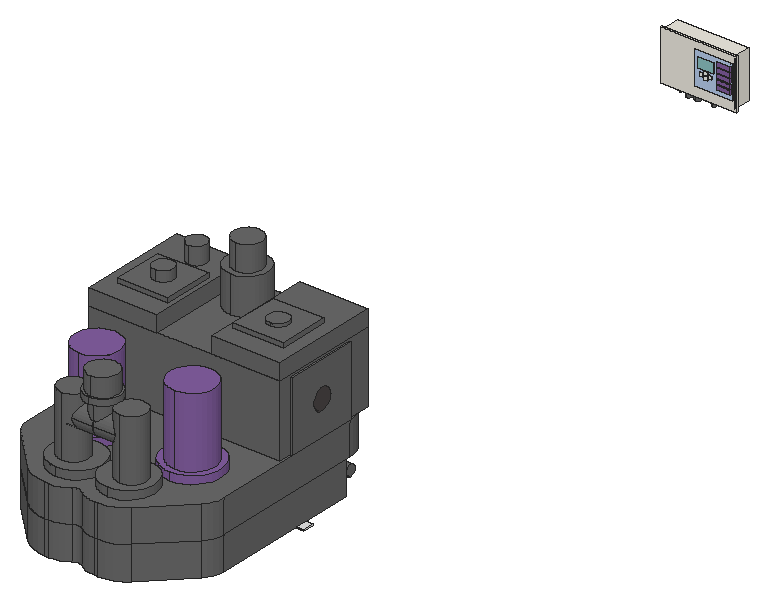
Revit family "11001", category Generic Models, Revit 2021
Family settings
  Can host rebar = No
  Round Connector Dimension = Use Diameter
  Part Type = Normal
  Work Plane-Based = No
  Always vertical = Yes
  Cut with Voids When Loaded = No
  Shared = Yes
  Room Calculation Point = No
Parameters (values of type "11001")
  SUPPLIER = "KESSEL"
  SA700ID49 = "Protection Class I"
  SA700ID48 = "no"
  SA700ID47 = "no"
  SA700ID46 = "yes"
  SA700ID37 = 7000 mm
  SA700ID34 = 38
  SA700ID33 = 1.6 W
  SA700ID32 = 99.13 kg
  SA700ID31 = 1
  SA700ID30 = 2
  SA700ID29 = "RWDR"
  SA700ID21 = 700
  SA700ID10 = "No"
  SA700ID08 = 230 V
  PROCUREWEBLINK = "https://p.caden.as/kessel/11001"
  PROCURELINK = "p.caden.as/kessel/11001"
  PROCUREDATALASTUPDATE = "2024-05-22T12:18:03.973457871+01:00"
  PREVIEW = "../../bilder/ksb_w_11001.png"
  PRC_SPECIFICATIONLINK = "https://ausschreiben.de/catalog/kessel/catalogItem/10bac111-a527-49a7-a82b-453f54a9563d"
  NN = "Lifting station Aqualift F XL"
  NBSYN = "$SA810ID03."
  NB = "11001"
  Model = "11001"
  Manufacturer = "KESSEL"
  MIdent = "{$CADENAS_DATA/23d-libs/kessel/kessel_vdi_import/4/entwaesserung/hebeanlage20aqualift20f20xl.prj},201 {STYP=ASS},{VTYP=3D},{NB=11001},{LINA=11001},{NN=Lifting station Aqualift F XL},{DATE=21.11.2022 10:48:11},{GEOMDATE=21.11.2022 10:48:11},{VERSION=},{LINEID=100},{WBVAR=LODLEVEL},{WBNUMERIC=LODLEVEL}  {NB=11001},{LINA=11001},{KT=DUMMY},{PREVIEW=../../bilder/ksb_w_11001.png},{SA700ID04=Hebeanlage Aqualift F XL 200 l, Duo, SPF 1400-S3},{SA810ID06=04026092056684},{SA700ID34=38.00},{SA010ID03=201805},{SA810ID03=11001},{SA810ID10=Die Hebeanlage für fäkalienhaltiges und fäkalienfreies Abwasser ist mit einer überflutbaren Pumpe sowie einem Rückflussverhinderer ausgestattet. Der Sammelbehälter aus dauerhaft beständigem Kunststoff (PE) bietet universale Anschlussmöglichkeiten und hat eine verschraubte Reinigungsöffnung.Die Steuerung erfolgt durch ein anwenderfreundliches Schaltgerät, das optional über einen potentialfreien Kontakt in die Gebäudeleittechnik eingebunden werden oder Alarm- und Sammelstörmeldungen über eine GSM-Schnittstelle (Comfort Schaltgerät) ausgeben kann.Ausführung:Absperreinrichtung: ohne SchieberAnlagenart: DoppelanlagePumpensteuerung: SchaltgerätRückflussverhinderer: integriertSchalldämmmatte: jaEinbausituation: freie AufstellungAbwasserart: fäkalienhaltigAllgemeine Merkmale:Farbe: schwarzNorm: EN 12050-1Abmessungen:Länge: 980 mmBreite: 760 mmHöhe: 770 mmBehälter/Grundkörper:Zulauf Anzahl: 1 STZulauf Nennweite (DN): 100 mmZulauf Nennweite (DA): 110 mmZulauf max. Anbohrung (DN): 200 mmAnschluss für Handmembranpumpe (DN): 32Behältervolumen: 200 lDruckabgang: senkrechtDruckabgang (DA): 110 mmDruckabgang (DN): 100 mmEntlüftungsanschluss (DN): 70 mmNutzvolumen: 120 lFördereinrichtung:Pumpe: SPF 1400Anzahl Pumpen: 2Förderhöhe max.: 7 mFörderleistung max.: 38 m3/hBetriebsart: S3 - 50 %Leistung P1: 1,6 kWLeistung P2: 1,1 kWDrehzahl: 1.370 U/minFörderguttemperatur (dauerhaft) max.: 40 °CAnschlusstyp: codierter SteckerGewicht: 25 kgLaufrad Typ: FreistromradLänge Netzanschlussleitung Pumpe: 5 mNennstrom: 7,3 ASchutzart Pumpe: IP 68 (3m/48h)Schutzklasse: ITyp Anschlussleitung Pumpe: H07RN-F 3G 1,0 mm2Temperaturüberwachung: integriertSteuerung:Schaltgerät: ComfortBetriebsspannung: 230 VNetzfrequenz: 50 HzSelbstdiagnosesystem (SDS): jaBatteriepufferung: jaMehrzeilige Displayanzeige: jaLogbuchfunktion: jaUSB-Schnittstelle: jaGSM-Schnittstelle: jaPotentialfreier Kontakt: optionalErforderliche Absicherung (Leitungsschutz): C 16 ASchutzart Schaltgerät: IP 54Länge Netzanschlussleitung Schaltgerät: 1,4 mArt Niveauerfassung: pneumatischInstrument Niveauerfassung: TauchrohrAlarmgeber: Tauchrohr},{SA700ID37=7.00},{SA700ID33=1.60},{SA700ID08=230},{SA700ID30=2},{SA700ID32=99.13},{SA700ID49=Schutzklasse I},{SA700ID50=nein},{SA200ID03=6},{SA250ID03=vertikal},{SA260ID03=Trockenläuferpumpe},{SA350ID03=normalansaugend},{SA400ID03=E-Motor für Wechselstrom},{SA460ID03=direkt},{SA500ID03=Kunststoff, Edelstahl},{SA700ID06=100},{SA700ID07=100},{SA700ID09=1/N/PE 230V},{SA700ID10=Nein},{SA700ID11=50},{SA700ID12=IP 68},{SA700ID13=F},{SA700ID15=40},{SA700ID21=700.00},{SA700ID22=1.10},{SA700ID23=1370},{SA700ID24=1370},{SA700ID26=7.30},{SA700ID27=23.00},{SA700ID28=durchgehend},{SA700ID29=RWDR},{SA700ID31=1},{SA700ID46=ja},{SA700ID47=nein},{SA700ID48=nein},{SA110ID04=Hebeanlage Aqualift F XL},{SA300ID03=einstufig},{SA700ID44=10.00},{SA700ID45=10.00},{SA010ID04=KESSEL AG},{LODLEVEL=200},{LINK=https://www.kessel.de/info?han=11001},{SA970ID01=970},{SA970ID02=7122},{SA970ID03=11001},{SA970ID04=11002617},{SA970ID05=QUAD},{SA970ID06=-410},{SA970ID07=-850},{SA970ID08=0},{SA970ID09=1},{SA970ID10=0},{SA970ID11=0},{SA970ID12=0},{SA970ID13=1},{SA970ID14=0},{SA970ID15=820},{SA970ID16=980},{SA970ID17=771},{LODLEVEL_=200,'Low'},{LODLEVEL_DEU=200,'Low'},{LINK_=https://www.kessel.de/info?han=11001},{LINK_DEU=https://www.kessel.de/info?han=11001},{LODLEVEL_3DB=11001_200},{DNIN1=100},{DNIN2=70},{DNIN4=10},{DNIN5=10},{DNIN6=50},{DNIN7=50},{DNIN8=50},{DNIN9=50},{DNOUT1=32},{DNOUT2=100},{DNOUT3=70},{ISD1=96},{ISD2=10},{ISDOUT1=40},{ISDOUT2=70},{ISDOUT3=65},{SA010ID01=010},{SA010ID02=4},{SA010ID06=www.kessel.de},{SA010ID07=www.kessel.de},{SA010ID12=20180713},{SA010ID13=DEU},{SA010ID14=DE},{SA100ID01=100},{SA100ID02=4},{SA100ID04=Entwässerung},{SA110ID01=110},{SA110ID02=6},{SA200ID01=200},{SA200ID02=6},{SA250ID01=250},{SA250ID02=2},{SA260ID01=260},{SA260ID02=2},{SA300ID01=300},{SA300ID02=1},{SA350ID01=350},{SA350ID02=1},{SA400ID01=400},{SA400ID02=1},{SA460ID01=460},{SA460ID02=1},{SA500ID01=500},{SA500ID02=1},{SA700ID01=700},{SA700ID02=38},{SA700ID10_=0},{SA700ID16=0},{SA700ID25=0},{SA700ID46_=1},{SA700ID47_=0},{SA700ID48_=0},{SA700ID49_=1},{SA700ID50_=0},{SA800ID01=800},{SA800ID02=2},{SA810ID01=810},{SA810ID02=38},{SA810ID04=11001},{SA810ID07=38},{SA810ID09=1},{SA810ID14=PCE},{SA810ID15=1},{SA810ID16=NMP},{SA960ID03=38},{SA960ID04=3L},{SA960ID08=https://www.kessel.de/info?han=11001},{SA010ID08=4026092000007},{SA100ID05=Hebeanlage},{SA110ID06=Hebeanlage}"
  LINK = "https://www.kessel.de/info?han=11001"
  LINA = "11001"
  Default Elevation = 0 mm
  CREATOR = "CADENAS GmbH"
  CATALOG = "KESSEL"
  BOMINFO = "LINA"
  ARTICLENO = "NB"
  4.810.00.9 Order quantity (multiplicator) = "1"
  4.810.00.7 Media- connection number = "38"
  4.810.00.6 GTIN number = "04026092056684"
  4.810.00.4 DATANORM number = "11001"
  4.810.00.3 Producer order number = "11001"
  4.710.03.7 Mass (net) = 99.13 kg
  4.710.03.6 Height = 770 mm
  4.710.03.5 Width = 760 mm
  4.710.03.4 Length = 980 mm
  4.710.03.3 Type of dimensions = "2"
  4.710.02.8 Area of application of wastewater pump = "1"
  4.710.02.7 Art des S2/S3-Betriebs = "50 %"
  4.710.02.6 Duty type = "S3"
  4.710.02.5 Cutting device = "0"
  4.710.02.4 Attached pump control = "1"
  4.710.02.3 Free passage = 40 mm
  4.710.01.6 Option to connect to building automation = "40"
  4.710.01.5 Load regulation = "0"
  4.710.01.4 Designation of closed-loop control = "120"
  4.710.01.3 Identifier for closed-loop control = "200"
  4.700.00.9 Voltage = 0
  4.700.00.8 Nominal connection size on suction side = "100"
  4.700.00.7 Nominal connection size on pressure side = "100"
  4.700.00.6 Type of connection = "100"
  4.700.00.4 Product indentification = "Hebeanlage Aqualift F XL 200 l, Duo, SPF 1400-S3"
  4.700.00.28 Motor pump shaft = "durchgehend"
  4.700.00.27 Starting current = 23
  4.700.00.26 Maximum power consumption per pump / drive = 7.3
  4.700.00.25 Minimum speed at internal speed adjustment = 0
  4.700.00.24 Nominal speed / maximum speed n = 22.8333
  4.700.00.23 Nominal speed of motor = 22.8333
  4.700.00.22 Maximum shaft output (P2) per pump/drive = 1.1 W
  4.700.00.16 Maximum temperature of pumped medium = 0 °C
  4.700.00.15 Increased safety class = "40 °C"
  4.700.00.13 Type of protection = "F"
  4.700.00.12 Frequency = 0
  4.700.00.11 Stern-/Dreieck-Anlaufschaltung bei Dreiphasenanschluss oder Drehstrom = "50 Hz"
  4.700.00.10 Phase = "0"
  4.500.00.3 Variant / Variant type / Accessories-name = "Kunststoff, Edelstahl"
  4.460.00.3 Variant / Variant type / Accessories-name = "direkt"
  4.400.00.3 Variant / Variant type / Accessories-name = "E-Motor für Wechselstrom"
  4.350.00.3 Variant / Variant type / Accessories-name = "normalansaugend"
  4.300.00.3 Variant / Variant type / Accessories-name = "einstufig"
  4.260.00.3 Variant / Variant type / Accessories-name = "Trockenläuferpumpe"
  4.250.00.3 Variant / Variant type / Accessories-name = "vertikal"
  4.200.00.3 Variant / Variant type / Accessories-name = "6"
  4.110.00.6 Product classification = "Hebeanlage"
  4.110.00.4 Product indentification = "Hebeanlage Aqualift F XL"
  4.100.00.5 Main groups of wares = "Hebeanlage"
  4.100.00.4 Product indentification = "Entwässerung"
  4.010.00.8 Producer ID number = "4026092000007"
  4.010.00.7 Comment = "www.kessel.de"
  4.010.00.6 Web address of the manufacturer = "www.kessel.de"
  4.010.00.4 Manufacturer name = "KESSEL AG"
  4.010.00.3 Date of issuance (month) of guideline = "201805"
  4.010.00.2 Sheet number of the guideline = "4"
  4.010.00.14 Kennungen der Projektländer, für die die Datei gültig ist = "DE"
  4.010.00.13 Sprache der Datei = "DEU"
  4.010.00.12 Stand des Herstellerkatalogs = "20180713"
Reference planes
  plane 1 "Center (Front/Back)": y = 0
  plane 2: z = 0
  plane 3 "Center (Left/Right)": x = 0
Forms (mm)
  Extrusion 1, void
    sketch origin (380.4, -114.999, 392) x (0, -1, 0) y (0, 0, 1)
      loop
        line (-0.5, -0.5) -> (0.5, -0.5) -> (0.5, 0.5) -> (-0.5, 0.5) -> (-0.5, -0.5)
    from 0 to 1
  Extrusion 2, void
    sketch origin (160.15, 130.5, 392) x (1, 0, 0) y (0, 0, 1)
      loop
        line (-0.5, -0.5) -> (0.5, -0.5) -> (0.5, 0.5) -> (-0.5, 0.5) -> (-0.5, -0.5)
    from 0 to 1
  Extrusion 3, void
    sketch origin (-161, 130.5, 392) x (1, 0, 0) y (0, 0, 1)
      loop
        line (-0.5, -0.5) -> (0.5, -0.5) -> (0.5, 0.5) -> (-0.5, 0.5) -> (-0.5, -0.5)
    from 0 to 1
  Extrusion 4, void
    sketch origin (-380.4, -115, 392) x (0, 1, 0) y (0, 0, 1)
      loop
        line (-0.5, -0.5) -> (0.5, -0.5) -> (0.5, 0.5) -> (-0.5, 0.5) -> (-0.5, -0.5)
    from 0 to 1
Dimensions and locks
  locked: plane 2 to Extrusion 1 at 392.5
  locked: plane 2 to Extrusion 1 at 391.5
  locked: plane 2 to Extrusion 2 at 392.5
  locked: plane 2 to Extrusion 2 at 391.5
  locked: plane 2 to Extrusion 3 at 392.5
  locked: plane 2 to Extrusion 3 at 391.5
  locked: plane 2 to Extrusion 4 at 392.5
  locked: plane 2 to Extrusion 4 at 391.5
  aligned and locked: level to plane 2
Nested families
  nested 1: "11001_content" at (0, 0, 0), type "11001_Content"
  nested 2: "11001_part1_X0Y0" at (1000, 1000, 1200), type "11001_PART1_X0Y0"
  nested 3: "11001_part2_X0Y0" at (0, 0, 0), type "11001_PART2_X0Y0"
Connectors
  electrical at (896, 972.5, 1160.5)
    settings: on nested 2, index 1, voltage 230 V, apparent load 0 VA, apparent load phase1 0 VA, apparent load phase2 0 VA, apparent load phase3 0 VA, power factor 1, load classification "Other", number of poles 3, system type 31, power factor state 1, is connector primary yes, connector utility no, sub classification motor no, connector description ""
  piping at (0, 0, 771), diameter 100
    settings: on nested 3, index 2, connector inside diameter 609.6 mm, connector length 0 mm, flow factor 0, pipe flow 0.0 L/s, pressure drop 0.0 Pa, fitting loss kfactor 0, connector angle 0.00°, fixture units 0, engagement length 0 mm, angle of deflection 0.00°, flow configuration 0, flow direction 1, fitting loss method 2, system type 8, joint type 0, gender type 0, connector reference index -1, connector utility 0, adjustable connector no, is connector primary yes, connector description ""
  piping at (380.4, -114.999, 392), diameter 70
    settings: on Extrusion 1, index 3, connector inside diameter 609.6 mm, connector length 0 mm, flow factor 0, pipe flow 0.0 L/s, pressure drop 0.0 Pa, fitting loss kfactor 0, connector angle 0.00°, fixture units 0, engagement length 0 mm, angle of deflection 0.00°, flow configuration 0, flow direction 0, fitting loss method 2, system type 8, joint type 0, gender type 0, connector reference index -1, connector utility 0, adjustable connector no, is connector primary no, connector description ""
  piping at (160.15, 130.5, 392), diameter 70
    settings: on Extrusion 2, index 4, connector inside diameter 609.6 mm, connector length 0 mm, flow factor 0, pipe flow 0.0 L/s, pressure drop 0.0 Pa, fitting loss kfactor 0, connector angle 0.00°, fixture units 0, engagement length 0 mm, angle of deflection 0.00°, flow configuration 0, flow direction 0, fitting loss method 2, system type 8, joint type 0, gender type 0, connector reference index -1, connector utility 0, adjustable connector no, is connector primary no, connector description ""
  piping at (-161, 130.5, 392), diameter 70
    settings: on Extrusion 3, index 5, connector inside diameter 609.6 mm, connector length 0 mm, flow factor 0, pipe flow 0.0 L/s, pressure drop 0.0 Pa, fitting loss kfactor 0, connector angle 0.00°, fixture units 0, engagement length 0 mm, angle of deflection 0.00°, flow configuration 0, flow direction 0, fitting loss method 2, system type 8, joint type 0, gender type 0, connector reference index -1, connector utility 0, adjustable connector no, is connector primary no, connector description ""
  piping at (-380.4, -115, 392), diameter 70
    settings: on Extrusion 4, index 6, connector inside diameter 609.6 mm, connector length 0 mm, flow factor 0, pipe flow 0.0 L/s, pressure drop 0.0 Pa, fitting loss kfactor 0, connector angle 0.00°, fixture units 0, engagement length 0 mm, angle of deflection 0.00°, flow configuration 0, flow direction 0, fitting loss method 2, system type 8, joint type 0, gender type 0, connector reference index -1, connector utility 0, adjustable connector no, is connector primary no, connector description ""
  piping at (0, -700, 620), diameter 100
    settings: on nested 3, index 7, connector inside diameter 609.6 mm, connector length 0 mm, flow factor 0, pipe flow 0.0 L/s, pressure drop 0.0 Pa, fitting loss kfactor 0, connector angle 0.00°, fixture units 0, engagement length 0 mm, angle of deflection 0.00°, flow configuration 0, flow direction 2, fitting loss method 2, system type 7, joint type 0, gender type 0, connector reference index -1, connector utility 0, adjustable connector no, is connector primary no, connector description ""
  piping at (-225, 36, 661), diameter 70
    settings: on nested 3, index 8, connector inside diameter 609.6 mm, connector length 0 mm, flow factor 0, pipe flow 0.0 L/s, pressure drop 0.0 Pa, fitting loss kfactor 0, connector angle 0.00°, fixture units 0, engagement length 0 mm, angle of deflection 0.00°, flow configuration 0, flow direction 2, fitting loss method 2, system type 7, joint type 0, gender type 0, connector reference index -1, connector utility 0, adjustable connector no, is connector primary no, connector description ""
  piping at (354.5, 56, 60), diameter 32
    settings: on nested 3, index 9, connector inside diameter 609.6 mm, connector length 0 mm, flow factor 0, pipe flow 0.0 L/s, pressure drop 0.0 Pa, fitting loss kfactor 0, connector angle 0.00°, fixture units 0, engagement length 0 mm, angle of deflection 0.00°, flow configuration 0, flow direction 2, fitting loss method 2, system type 7, joint type 0, gender type 0, connector reference index -1, connector utility 0, adjustable connector no, is connector primary no, connector description ""
  electrical at (185, -497, 557)
    settings: on nested 3, index 10, voltage 0 V, apparent load 0 VA, apparent load phase1 0 VA, apparent load phase2 0 VA, apparent load phase3 0 VA, power factor 1, load classification "Other", number of poles 1, system type 31, power factor state 1, is connector primary no, connector utility no, sub classification motor no, connector description ""
  electrical at (-185, -496.75, 557)
    settings: on nested 3, index 11, voltage 0 V, apparent load 0 VA, apparent load phase1 0 VA, apparent load phase2 0 VA, apparent load phase3 0 VA, power factor 1, load classification "Other", number of poles 1, system type 31, power factor state 1, is connector primary no, connector utility no, sub classification motor no, connector description ""
  electrical at (-222.5, -129, 650)
    settings: on nested 3, index 12, voltage 0 V, apparent load 0 VA, apparent load phase1 0 VA, apparent load phase2 0 VA, apparent load phase3 0 VA, power factor 1, load classification "Other", number of poles 1, system type 31, power factor state 1, is connector primary no, connector utility no, sub classification motor no, connector description ""
Definition of nested family "11001_part1_X0Y0"
  Parameters (values of type "11001_PART1_X0Y0")
    SUPPLIER = "KESSEL"
    SA700ID49 = "Protection Class I"
    SA700ID48 = "no"
    SA700ID47 = "no"
    SA700ID46 = "yes"
    SA700ID37 = 7000 mm
    SA700ID34 = 38
    SA700ID33 = 1.6 W
    SA700ID32 = 99.13 kg
    SA700ID31 = 1
    SA700ID30 = 2
    SA700ID29 = "RWDR"
    SA700ID21 = 700
    SA700ID10 = "No"
    SA700ID08 = 230 V
    PREVIEW = "../../bilder/ksb_w_11001.png"
    NBSYN = "$SA810ID03._PART1"
    NB = "11001_PART1"
    Model = "11001_PART1"
    Manufacturer = "KESSEL"
    MIdent = "{$CADENAS_DATA/23d-libs/kessel/kessel_vdi_import/4/entwaesserung/hebeanlage20aqualift20f20xl.prj},221 {VTYP=3D},{NB=11001_PART1},{LINA=11001_PART1},{NN=Lifting station Aqualift F XL_PART1},{NOPRJ=TRUE},{DATE=21.11.2022 10:48:11},{GEOMDATE=21.11.2022 10:48:11},{VERSION=},{LINEID=100},{WBVAR=LODLEVEL},{WBNUMERIC=LODLEVEL}  {NB=11001_PART1},{LINA=11001_PART1},{KT=DUMMY},{PREVIEW=../../bilder/ksb_w_11001.png},{SA700ID04=Hebeanlage Aqualift F XL 200 l, Duo, SPF 1400-S3},{SA810ID06=04026092056684},{SA700ID34=38.00},{SA010ID03=201805},{SA810ID03=11001},{SA810ID10=Die Hebeanlage für fäkalienhaltiges und fäkalienfreies Abwasser ist mit einer überflutbaren Pumpe sowie einem Rückflussverhinderer ausgestattet. Der Sammelbehälter aus dauerhaft beständigem Kunststoff (PE) bietet universale Anschlussmöglichkeiten und hat eine verschraubte Reinigungsöffnung.Die Steuerung erfolgt durch ein anwenderfreundliches Schaltgerät, das optional über einen potentialfreien Kontakt in die Gebäudeleittechnik eingebunden werden oder Alarm- und Sammelstörmeldungen über eine GSM-Schnittstelle (Comfort Schaltgerät) ausgeben kann.Ausführung:Absperreinrichtung: ohne SchieberAnlagenart: DoppelanlagePumpensteuerung: SchaltgerätRückflussverhinderer: integriertSchalldämmmatte: jaEinbausituation: freie AufstellungAbwasserart: fäkalienhaltigAllgemeine Merkmale:Farbe: schwarzNorm: EN 12050-1Abmessungen:Länge: 980 mmBreite: 760 mmHöhe: 770 mmBehälter/Grundkörper:Zulauf Anzahl: 1 STZulauf Nennweite (DN): 100 mmZulauf Nennweite (DA): 110 mmZulauf max. Anbohrung (DN): 200 mmAnschluss für Handmembranpumpe (DN): 32Behältervolumen: 200 lDruckabgang: senkrechtDruckabgang (DA): 110 mmDruckabgang (DN): 100 mmEntlüftungsanschluss (DN): 70 mmNutzvolumen: 120 lFördereinrichtung:Pumpe: SPF 1400Anzahl Pumpen: 2Förderhöhe max.: 7 mFörderleistung max.: 38 m3/hBetriebsart: S3 - 50 %Leistung P1: 1,6 kWLeistung P2: 1,1 kWDrehzahl: 1.370 U/minFörderguttemperatur (dauerhaft) max.: 40 °CAnschlusstyp: codierter SteckerGewicht: 25 kgLaufrad Typ: FreistromradLänge Netzanschlussleitung Pumpe: 5 mNennstrom: 7,3 ASchutzart Pumpe: IP 68 (3m/48h)Schutzklasse: ITyp Anschlussleitung Pumpe: H07RN-F 3G 1,0 mm2Temperaturüberwachung: integriertSteuerung:Schaltgerät: ComfortBetriebsspannung: 230 VNetzfrequenz: 50 HzSelbstdiagnosesystem (SDS): jaBatteriepufferung: jaMehrzeilige Displayanzeige: jaLogbuchfunktion: jaUSB-Schnittstelle: jaGSM-Schnittstelle: jaPotentialfreier Kontakt: optionalErforderliche Absicherung (Leitungsschutz): C 16 ASchutzart Schaltgerät: IP 54Länge Netzanschlussleitung Schaltgerät: 1,4 mArt Niveauerfassung: pneumatischInstrument Niveauerfassung: TauchrohrAlarmgeber: Tauchrohr},{SA700ID37=7.00},{SA700ID33=1.60},{SA700ID08=230},{SA700ID30=2},{SA700ID32=99.13},{SA700ID49=Schutzklasse I},{SA700ID50=nein},{SA200ID03=6},{SA250ID03=vertikal},{SA260ID03=Trockenläuferpumpe},{SA350ID03=normalansaugend},{SA400ID03=E-Motor für Wechselstrom},{SA460ID03=direkt},{SA500ID03=Kunststoff, Edelstahl},{SA700ID06=100},{SA700ID07=100},{SA700ID09=1/N/PE 230V},{SA700ID10=Nein},{SA700ID11=50},{SA700ID12=IP 68},{SA700ID13=F},{SA700ID15=40},{SA700ID21=700.00},{SA700ID22=1.10},{SA700ID23=1370},{SA700ID24=1370},{SA700ID26=7.30},{SA700ID27=23.00},{SA700ID28=durchgehend},{SA700ID29=RWDR},{SA700ID31=1},{SA700ID46=ja},{SA700ID47=nein},{SA700ID48=nein},{SA110ID04=Hebeanlage Aqualift F XL},{SA300ID03=einstufig},{SA700ID44=10.00},{SA700ID45=10.00},{SA010ID04=KESSEL AG},{LODLEVEL=200},{LINK=https://www.kessel.de/info?han=11001},{SA970ID01=970},{SA970ID02=7122},{SA970ID03=11001},{SA970ID04=11002617},{SA970ID05=QUAD},{SA970ID06=-410},{SA970ID07=-850},{SA970ID08=0},{SA970ID09=1},{SA970ID10=0},{SA970ID11=0},{SA970ID12=0},{SA970ID13=1},{SA970ID14=0},{SA970ID15=820},{SA970ID16=980},{SA970ID17=771},{LODLEVEL_=200,'Low'},{LODLEVEL_DEU=200,'Low'},{LINK_=https://www.kessel.de/info?han=11001},{LINK_DEU=https://www.kessel.de/info?han=11001},{LODLEVEL_3DB=11001_200},{DNIN1=100},{DNIN2=70},{DNIN4=10},{DNIN5=10},{DNIN6=50},{DNIN7=50},{DNIN8=50},{DNIN9=50},{DNOUT1=32},{DNOUT2=100},{DNOUT3=70},{ISD1=96},{ISD2=10},{ISDOUT1=40},{ISDOUT2=70},{ISDOUT3=65},{SA010ID01=010},{SA010ID02=4},{SA010ID06=www.kessel.de},{SA010ID07=www.kessel.de},{SA010ID12=20180713},{SA010ID13=DEU},{SA010ID14=DE},{SA100ID01=100},{SA100ID02=4},{SA100ID04=Entwässerung},{SA110ID01=110},{SA110ID02=6},{SA200ID01=200},{SA200ID02=6},{SA250ID01=250},{SA250ID02=2},{SA260ID01=260},{SA260ID02=2},{SA300ID01=300},{SA300ID02=1},{SA350ID01=350},{SA350ID02=1},{SA400ID01=400},{SA400ID02=1},{SA460ID01=460},{SA460ID02=1},{SA500ID01=500},{SA500ID02=1},{SA700ID01=700},{SA700ID02=38},{SA700ID10_=0},{SA700ID16=0},{SA700ID25=0},{SA700ID46_=1},{SA700ID47_=0},{SA700ID48_=0},{SA700ID49_=1},{SA700ID50_=0},{SA800ID01=800},{SA800ID02=2},{SA810ID01=810},{SA810ID02=38},{SA810ID04=11001},{SA810ID07=38},{SA810ID09=1},{SA810ID14=PCE},{SA810ID15=1},{SA810ID16=NMP},{SA960ID03=38},{SA960ID04=3L},{SA960ID08=https://www.kessel.de/info?han=11001},{SA010ID08=4026092000007},{SA100ID05=Hebeanlage},{SA110ID06=Hebeanlage}"
    LINK = "https://www.kessel.de/info?han=11001"
    LINA = "11001_PART1"
    Default Elevation = 1219.2 mm
    CREATOR = "CADENAS GmbH"
    CATALOG = "KESSEL"
    BOMINFO = "LINA"
    ARTICLENO = "NB"
    4.810.00.9 Order quantity (multiplicator) = "1"
    4.810.00.7 Media- connection number = "38"
    4.810.00.6 GTIN number = "04026092056684"
    4.810.00.4 DATANORM number = "11001"
    4.810.00.3 Producer order number = "11001"
    4.710.03.7 Mass (net) = 99.13 kg
    4.710.03.6 Height = 770 mm
    4.710.03.5 Width = 760 mm
    4.710.03.4 Length = 980 mm
    4.710.03.3 Type of dimensions = "2"
    4.710.02.8 Area of application of wastewater pump = "1"
    4.710.02.7 Art des S2/S3-Betriebs = "50 %"
    4.710.02.6 Duty type = "S3"
    4.710.02.5 Cutting device = "0"
    4.710.02.4 Attached pump control = "1"
    4.710.02.3 Free passage = 40 mm
    4.710.01.6 Option to connect to building automation = "40"
    4.710.01.5 Load regulation = "0"
    4.710.01.4 Designation of closed-loop control = "120"
    4.710.01.3 Identifier for closed-loop control = "200"
    4.700.00.9 Voltage = 0
    4.700.00.8 Nominal connection size on suction side = "100"
    4.700.00.7 Nominal connection size on pressure side = "100"
    4.700.00.6 Type of connection = "100"
    4.700.00.4 Product indentification = "Hebeanlage Aqualift F XL 200 l, Duo, SPF 1400-S3"
    4.700.00.28 Motor pump shaft = "durchgehend"
    4.700.00.27 Starting current = 23
    4.700.00.26 Maximum power consumption per pump / drive = 7.3
    4.700.00.25 Minimum speed at internal speed adjustment = 0
    4.700.00.24 Nominal speed / maximum speed n = 22.8333
    4.700.00.23 Nominal speed of motor = 22.8333
    4.700.00.22 Maximum shaft output (P2) per pump/drive = 1.1 W
    4.700.00.16 Maximum temperature of pumped medium = 0 °C
    4.700.00.15 Increased safety class = "40 °C"
    4.700.00.13 Type of protection = "F"
    4.700.00.12 Frequency = 0
    4.700.00.11 Stern-/Dreieck-Anlaufschaltung bei Dreiphasenanschluss oder Drehstrom = "50 Hz"
    4.700.00.10 Phase = "0"
    4.500.00.3 Variant / Variant type / Accessories-name = "Kunststoff, Edelstahl"
    4.460.00.3 Variant / Variant type / Accessories-name = "direkt"
    4.400.00.3 Variant / Variant type / Accessories-name = "E-Motor für Wechselstrom"
    4.350.00.3 Variant / Variant type / Accessories-name = "normalansaugend"
    4.300.00.3 Variant / Variant type / Accessories-name = "einstufig"
    4.260.00.3 Variant / Variant type / Accessories-name = "Trockenläuferpumpe"
    4.250.00.3 Variant / Variant type / Accessories-name = "vertikal"
    4.200.00.3 Variant / Variant type / Accessories-name = "6"
    4.110.00.6 Product classification = "Hebeanlage"
    4.110.00.4 Product indentification = "Hebeanlage Aqualift F XL"
    4.100.00.5 Main groups of wares = "Hebeanlage"
    4.100.00.4 Product indentification = "Entwässerung"
    4.010.00.8 Producer ID number = "4026092000007"
    4.010.00.7 Comment = "www.kessel.de"
    4.010.00.6 Web address of the manufacturer = "www.kessel.de"
    4.010.00.4 Manufacturer name = "KESSEL AG"
    4.010.00.3 Date of issuance (month) of guideline = "201805"
    4.010.00.2 Sheet number of the guideline = "4"
    4.010.00.14 Kennungen der Projektländer, für die die Datei gültig ist = "DE"
    4.010.00.13 Sprache der Datei = "DEU"
    4.010.00.12 Stand des Herstellerkatalogs = "20180713"
  Reference planes
    plane 1 "Center (Front/Back)": y = 0
    plane 2: z = 0
    plane 3 "Center (Left/Right)": x = 0
  Dimensions and locks
    aligned and locked: level to plane 2
  Nested families
    nested 1: "11001_part1_content" at (0, 0, 0), type "11001_PART1_Content"
  Definition of nested family "11001_part1_content"
    Parameters (values of type "11001_PART1_Content")
      SUPPLIER = "KESSEL"
      SA700ID49 = "Protection Class I"
      SA700ID48 = "no"
      SA700ID47 = "no"
      SA700ID46 = "yes"
      SA700ID37 = 7000 mm
      SA700ID34 = 38
      SA700ID33 = 1.6 W
      SA700ID32 = 99.13 kg
      SA700ID31 = 1
      SA700ID30 = 2
      SA700ID29 = "RWDR"
      SA700ID21 = 700
      SA700ID10 = "No"
      SA700ID08 = 230 V
      PREVIEW = "../../bilder/ksb_w_11001.png"
      NBSYN = "$SA810ID03._PART1"
      NB = "11001_PART1"
      Model = "11001_PART1"
      Manufacturer = "KESSEL"
      LINK = "https://www.kessel.de/info?han=11001"
      LINA = "11001_PART1"
      Default Elevation = 1219.2 mm
      CREATOR = "CADENAS GmbH"
      CATALOG = "KESSEL"
      BOMINFO = "LINA"
      ARTICLENO = "NB"
      4.810.00.9 Order quantity (multiplicator) = "1"
      4.810.00.7 Media- connection number = "38"
      4.810.00.6 GTIN number = "04026092056684"
      4.810.00.4 DATANORM number = "11001"
      4.810.00.3 Producer order number = "11001"
      4.710.03.7 Mass (net) = 99.13 kg
      4.710.03.6 Height = 770 mm
      4.710.03.5 Width = 760 mm
      4.710.03.4 Length = 980 mm
      4.710.03.3 Type of dimensions = "2"
      4.710.02.8 Area of application of wastewater pump = "1"
      4.710.02.7 Art des S2/S3-Betriebs = "50 %"
      4.710.02.6 Duty type = "S3"
      4.710.02.5 Cutting device = "0"
      4.710.02.4 Attached pump control = "1"
      4.710.02.3 Free passage = 40 mm
      4.710.01.6 Option to connect to building automation = "40"
      4.710.01.5 Load regulation = "0"
      4.710.01.4 Designation of closed-loop control = "120"
      4.710.01.3 Identifier for closed-loop control = "200"
      4.700.00.9 Voltage = 0
      4.700.00.8 Nominal connection size on suction side = "100"
      4.700.00.7 Nominal connection size on pressure side = "100"
      4.700.00.6 Type of connection = "100"
      4.700.00.4 Product indentification = "Hebeanlage Aqualift F XL 200 l, Duo, SPF 1400-S3"
      4.700.00.28 Motor pump shaft = "durchgehend"
      4.700.00.27 Starting current = 23
      4.700.00.26 Maximum power consumption per pump / drive = 7.3
      4.700.00.25 Minimum speed at internal speed adjustment = 0
      4.700.00.24 Nominal speed / maximum speed n = 22.8333
      4.700.00.23 Nominal speed of motor = 22.8333
      4.700.00.22 Maximum shaft output (P2) per pump/drive = 1.1 W
      4.700.00.16 Maximum temperature of pumped medium = 0 °C
      4.700.00.15 Increased safety class = "40 °C"
      4.700.00.13 Type of protection = "F"
      4.700.00.12 Frequency = 0
      4.700.00.11 Stern-/Dreieck-Anlaufschaltung bei Dreiphasenanschluss oder Drehstrom = "50 Hz"
      4.700.00.10 Phase = "0"
      4.500.00.3 Variant / Variant type / Accessories-name = "Kunststoff, Edelstahl"
      4.460.00.3 Variant / Variant type / Accessories-name = "direkt"
      4.400.00.3 Variant / Variant type / Accessories-name = "E-Motor für Wechselstrom"
      4.350.00.3 Variant / Variant type / Accessories-name = "normalansaugend"
      4.300.00.3 Variant / Variant type / Accessories-name = "einstufig"
      4.260.00.3 Variant / Variant type / Accessories-name = "Trockenläuferpumpe"
      4.250.00.3 Variant / Variant type / Accessories-name = "vertikal"
      4.200.00.3 Variant / Variant type / Accessories-name = "6"
      4.110.00.6 Product classification = "Hebeanlage"
      4.110.00.4 Product indentification = "Hebeanlage Aqualift F XL"
      4.100.00.5 Main groups of wares = "Hebeanlage"
      4.100.00.4 Product indentification = "Entwässerung"
      4.010.00.8 Producer ID number = "4026092000007"
      4.010.00.7 Comment = "www.kessel.de"
      4.010.00.6 Web address of the manufacturer = "www.kessel.de"
      4.010.00.4 Manufacturer name = "KESSEL AG"
      4.010.00.3 Date of issuance (month) of guideline = "201805"
      4.010.00.2 Sheet number of the guideline = "4"
      4.010.00.14 Kennungen der Projektländer, für die die Datei gültig ist = "DE"
      4.010.00.13 Sprache der Datei = "DEU"
      4.010.00.12 Stand des Herstellerkatalogs = "20180713"
    Reference planes
      plane 1 "Center (Front/Back)": y = 0
      plane 2: z = 0
      plane 3 "Center (Left/Right)": x = 0
    Forms (mm)
      Extrusion 1, solid, detail levels medium+fine
        sketch origin (49.8, -68, 72.1) x (0, -1, 0) y (0, 0, 1)
          loop
            line (-0.5, 12) -> (-0.5, 0) -> (1, 0) -> (1, 12) -> (-0.5, 12)
        from 0 to 12
      Extrusion 2, solid, detail levels medium+fine
        sketch origin (129.3, -67, 28.2) x (0, -1, 0) y (0, 0, 1)
          loop
            line (-0.5, 127) -> (-0.5, 0) -> (1, 0) -> (1, 127) -> (-0.5, 127)
        from 0 to 146
      Extrusion 3, solid, detail levels medium+fine
        sketch origin (33.3, -68, 80.45) x (0, -1, 0) y (0, 0, 1)
          loop
            line (-0.5, 12) -> (-0.5, 0) -> (1, 0) -> (1, 12) -> (-0.5, 12)
        from 0 to 12
      Extrusion 4, solid, detail levels medium+fine
        sketch origin (33.3, -68, 63.95) x (0, -1, 0) y (0, 0, 1)
          loop
            line (-0.5, 12) -> (-0.5, 0) -> (1, 0) -> (1, 12) -> (-0.5, 12)
        from 0 to 12
      Extrusion 5, solid, detail levels medium+fine
        sketch origin (56.3, -68, 95.45) x (0, -1, 0) y (0, 0, 1)
          loop
            line (-0.5, 37) -> (-0.5, 0) -> (1, 0) -> (1, 37) -> (-0.5, 37)
        from 0 to 60
      Extrusion 6, solid, detail levels medium+fine
        sketch origin (121.8, -68, 85.7) x (0, -1, 0) y (0, 0, 1)
          loop
            line (0, 16) -> (0, 0) -> (2, 0) -> (2, 16) -> (0, 16)
        from 0 to 51
      Extrusion 7, solid, detail levels medium+fine
        sketch origin (121.8, -68, 65.7) x (0, -1, 0) y (0, 0, 1)
          loop
            line (0, 16) -> (0, 0) -> (2, 0) -> (2, 16) -> (0, 16)
        from 0 to 51
      Extrusion 8, solid, detail levels medium+fine
        sketch origin (121.8, -68, 105.7) x (0, -1, 0) y (0, 0, 1)
          loop
            line (0, 16) -> (0, 0) -> (2, 0) -> (2, 16) -> (0, 16)
        from 0 to 51
      Extrusion 9, solid, detail levels medium+fine
        sketch origin (16.8, -68, 72.2) x (0, -1, 0) y (0, 0, 1)
          loop
            line (-0.5, 12) -> (-0.5, 0) -> (1, 0) -> (1, 12) -> (-0.5, 12)
        from 0 to 12
      Extrusion 10, solid, detail levels medium+fine
        sketch origin (121.8, -68, 45.7) x (0, -1, 0) y (0, 0, 1)
          loop
            line (0, 16) -> (0, 0) -> (2, 0) -> (2, 16) -> (0, 16)
        from 0 to 51
      Extrusion 11, solid, detail levels medium+fine
        sketch origin (147, -63.5, -7) x (0, -1, 0) y (0, 0, 1)
          loop
            line (0, 194) -> (0, 0) -> (3.5, 0) -> (3.5, 194) -> (0, 194)
        from 0 to 294
      Extrusion 12, solid, detail levels medium+fine
        sketch origin (136.25, 0, 0) x (0, -1, 0) y (0, 0, 1)
          loop
            line (0, 184) -> (0, 0) -> (63.5, 0) -> (63.5, 184) -> (0, 184)
        from 0 to 272.5
      Extrusion 13, solid, detail levels medium+fine
        sketch origin (121.75, -68, 125.75) x (0, -1, 0) y (0, 0, 1)
          loop
            line (0, 16) -> (0, 0) -> (2, 0) -> (2, 16) -> (0, 16)
        from 0 to 51
      Extrusion 14, solid, detail levels medium+fine
        sketch origin (26, -27.5, 0) x (1, 0, 0) y (0, -1, 0)
          loop
            circle (0, 0) r 11
        from 0 to 11
      Extrusion 15, solid, detail levels medium+fine
        sketch origin (26, -27.5, -11) x (1, 0, 0) y (0, -1, 0)
          loop
            circle (0, 0) r 11
        from 0 to 19.8
      Extrusion 16, solid, detail levels medium+fine
        sketch origin (26, -27.5, -30.7) x (1, 0, 0) y (0, -1, 0)
          loop
            circle (0, 0) r 6
        from 0 to 13.75
      Extrusion 17, solid, detail levels medium+fine
        sketch origin (2, -27.5, 0) x (1, 0, 0) y (0, -1, 0)
          loop
            circle (0, 0) r 11
        from 0 to 20
      Extrusion 18, solid, detail levels medium+fine
        sketch origin (2, -27.5, -20) x (1, 0, 0) y (0, -1, 0)
          loop
            circle (0, 0) r 8.65
        from 0 to 9.8
      Extrusion 19, solid, detail levels medium+fine
        sketch origin (-36, -27.5, 0) x (1, 0, 0) y (0, -1, 0)
          loop
            circle (0, 0) r 12
        from 0 to 15
      Extrusion 20, solid, detail levels medium+fine
        sketch origin (-36, -27.5, -15) x (1, 0, 0) y (0, -1, 0)
          loop
            circle (0, 0) r 11.75
        from 0 to 27.1
      Extrusion 21, solid, detail levels medium+fine
        sketch origin (54, -27.5, 0) x (1, 0, 0) y (0, -1, 0)
          loop
            circle (0, 0) r 10
        from 0 to 1.5
      Extrusion 22, solid, detail levels medium+fine
        sketch origin (-70, -27.5, 0) x (1, 0, 0) y (0, -1, 0)
          loop
            circle (0, 0) r 12
        from 0 to 15
      Extrusion 23, solid, detail levels medium+fine
        sketch origin (-70, -27.5, -15) x (1, 0, 0) y (0, -1, 0)
          loop
            circle (0, 0) r 11.75
        from 0 to 27.1
      Extrusion 24, solid, detail levels medium+fine
        sketch origin (82, -27.5, 0) x (1, 0, 0) y (0, -1, 0)
          loop
            circle (0, 0) r 10
        from 0 to 1.5
      Extrusion 25, solid, detail levels medium+fine
        sketch origin (-104, -27.5, 0) x (1, 0, 0) y (0, -1, 0)
          loop
            circle (0, 0) r 10
        from 0 to 9
      Extrusion 26, solid, detail levels medium+fine
        sketch origin (-104, -27.5, -9) x (1, 0, 0) y (0, -1, 0)
          loop
            circle (0, 0) r 11
        from 0 to 20.5
      Extrusion 27, solid, detail levels medium+fine
        sketch origin (-104, -27.5, -29.5) x (1, 0, 0) y (0, -1, 0)
          loop
            circle (0, 0) r 3
        from 0 to 10
      Extrusion 28, solid, detail levels medium+fine
        sketch origin (110, -27.5, 0) x (1, 0, 0) y (0, -1, 0)
          loop
            circle (0, 0) r 13.5
        from 0 to 1.5
      Extrusion 29, solid, detail levels coarse
        sketch origin (0, -35, -44.45) x (1, 0, 0) y (0, 1, 0)
          loop
            line (-147, -35) -> (147, -35) -> (147, 35) -> (-147, 35) -> (-147, -35)
        from 0 to 231.45
    Dimensions and locks
      aligned and locked: level to plane 2
Definition of nested family "11001_part2_X0Y0"
  Parameters (values of type "11001_PART2_X0Y0")
    SUPPLIER = "KESSEL"
    SA700ID49 = "Protection Class I"
    SA700ID48 = "no"
    SA700ID47 = "no"
    SA700ID46 = "yes"
    SA700ID37 = 7000 mm
    SA700ID34 = 38
    SA700ID33 = 1.6 W
    SA700ID32 = 99.13 kg
    SA700ID31 = 1
    SA700ID30 = 2
    SA700ID29 = "RWDR"
    SA700ID21 = 700
    SA700ID10 = "No"
    SA700ID08 = 230 V
    PREVIEW = "../../bilder/ksb_w_11001.png"
    NBSYN = "$SA810ID03._PART2"
    NB = "11001_PART2"
    Model = "11001_PART2"
    Manufacturer = "KESSEL"
    MIdent = "{$CADENAS_DATA/23d-libs/kessel/kessel_vdi_import/4/entwaesserung/hebeanlage20aqualift20f20xl.prj},221 {VTYP=3D},{NB=11001_PART2},{LINA=11001_PART2},{NN=Lifting station Aqualift F XL_PART2},{NOPRJ=TRUE},{DATE=21.11.2022 10:48:11},{GEOMDATE=21.11.2022 10:48:11},{VERSION=},{LINEID=100},{WBVAR=LODLEVEL},{WBNUMERIC=LODLEVEL}  {NB=11001_PART2},{LINA=11001_PART2},{KT=DUMMY},{PREVIEW=../../bilder/ksb_w_11001.png},{SA700ID04=Hebeanlage Aqualift F XL 200 l, Duo, SPF 1400-S3},{SA810ID06=04026092056684},{SA700ID34=38.00},{SA010ID03=201805},{SA810ID03=11001},{SA810ID10=Die Hebeanlage für fäkalienhaltiges und fäkalienfreies Abwasser ist mit einer überflutbaren Pumpe sowie einem Rückflussverhinderer ausgestattet. Der Sammelbehälter aus dauerhaft beständigem Kunststoff (PE) bietet universale Anschlussmöglichkeiten und hat eine verschraubte Reinigungsöffnung.Die Steuerung erfolgt durch ein anwenderfreundliches Schaltgerät, das optional über einen potentialfreien Kontakt in die Gebäudeleittechnik eingebunden werden oder Alarm- und Sammelstörmeldungen über eine GSM-Schnittstelle (Comfort Schaltgerät) ausgeben kann.Ausführung:Absperreinrichtung: ohne SchieberAnlagenart: DoppelanlagePumpensteuerung: SchaltgerätRückflussverhinderer: integriertSchalldämmmatte: jaEinbausituation: freie AufstellungAbwasserart: fäkalienhaltigAllgemeine Merkmale:Farbe: schwarzNorm: EN 12050-1Abmessungen:Länge: 980 mmBreite: 760 mmHöhe: 770 mmBehälter/Grundkörper:Zulauf Anzahl: 1 STZulauf Nennweite (DN): 100 mmZulauf Nennweite (DA): 110 mmZulauf max. Anbohrung (DN): 200 mmAnschluss für Handmembranpumpe (DN): 32Behältervolumen: 200 lDruckabgang: senkrechtDruckabgang (DA): 110 mmDruckabgang (DN): 100 mmEntlüftungsanschluss (DN): 70 mmNutzvolumen: 120 lFördereinrichtung:Pumpe: SPF 1400Anzahl Pumpen: 2Förderhöhe max.: 7 mFörderleistung max.: 38 m3/hBetriebsart: S3 - 50 %Leistung P1: 1,6 kWLeistung P2: 1,1 kWDrehzahl: 1.370 U/minFörderguttemperatur (dauerhaft) max.: 40 °CAnschlusstyp: codierter SteckerGewicht: 25 kgLaufrad Typ: FreistromradLänge Netzanschlussleitung Pumpe: 5 mNennstrom: 7,3 ASchutzart Pumpe: IP 68 (3m/48h)Schutzklasse: ITyp Anschlussleitung Pumpe: H07RN-F 3G 1,0 mm2Temperaturüberwachung: integriertSteuerung:Schaltgerät: ComfortBetriebsspannung: 230 VNetzfrequenz: 50 HzSelbstdiagnosesystem (SDS): jaBatteriepufferung: jaMehrzeilige Displayanzeige: jaLogbuchfunktion: jaUSB-Schnittstelle: jaGSM-Schnittstelle: jaPotentialfreier Kontakt: optionalErforderliche Absicherung (Leitungsschutz): C 16 ASchutzart Schaltgerät: IP 54Länge Netzanschlussleitung Schaltgerät: 1,4 mArt Niveauerfassung: pneumatischInstrument Niveauerfassung: TauchrohrAlarmgeber: Tauchrohr},{SA700ID37=7.00},{SA700ID33=1.60},{SA700ID08=230},{SA700ID30=2},{SA700ID32=99.13},{SA700ID49=Schutzklasse I},{SA700ID50=nein},{SA200ID03=6},{SA250ID03=vertikal},{SA260ID03=Trockenläuferpumpe},{SA350ID03=normalansaugend},{SA400ID03=E-Motor für Wechselstrom},{SA460ID03=direkt},{SA500ID03=Kunststoff, Edelstahl},{SA700ID06=100},{SA700ID07=100},{SA700ID09=1/N/PE 230V},{SA700ID10=Nein},{SA700ID11=50},{SA700ID12=IP 68},{SA700ID13=F},{SA700ID15=40},{SA700ID21=700.00},{SA700ID22=1.10},{SA700ID23=1370},{SA700ID24=1370},{SA700ID26=7.30},{SA700ID27=23.00},{SA700ID28=durchgehend},{SA700ID29=RWDR},{SA700ID31=1},{SA700ID46=ja},{SA700ID47=nein},{SA700ID48=nein},{SA110ID04=Hebeanlage Aqualift F XL},{SA300ID03=einstufig},{SA700ID44=10.00},{SA700ID45=10.00},{SA010ID04=KESSEL AG},{LODLEVEL=200},{LINK=https://www.kessel.de/info?han=11001},{SA970ID01=970},{SA970ID02=7122},{SA970ID03=11001},{SA970ID04=11002617},{SA970ID05=QUAD},{SA970ID06=-410},{SA970ID07=-850},{SA970ID08=0},{SA970ID09=1},{SA970ID10=0},{SA970ID11=0},{SA970ID12=0},{SA970ID13=1},{SA970ID14=0},{SA970ID15=820},{SA970ID16=980},{SA970ID17=771},{LODLEVEL_=200,'Low'},{LODLEVEL_DEU=200,'Low'},{LINK_=https://www.kessel.de/info?han=11001},{LINK_DEU=https://www.kessel.de/info?han=11001},{LODLEVEL_3DB=11001_200},{DNIN1=100},{DNIN2=70},{DNIN4=10},{DNIN5=10},{DNIN6=50},{DNIN7=50},{DNIN8=50},{DNIN9=50},{DNOUT1=32},{DNOUT2=100},{DNOUT3=70},{ISD1=96},{ISD2=10},{ISDOUT1=40},{ISDOUT2=70},{ISDOUT3=65},{SA010ID01=010},{SA010ID02=4},{SA010ID06=www.kessel.de},{SA010ID07=www.kessel.de},{SA010ID12=20180713},{SA010ID13=DEU},{SA010ID14=DE},{SA100ID01=100},{SA100ID02=4},{SA100ID04=Entwässerung},{SA110ID01=110},{SA110ID02=6},{SA200ID01=200},{SA200ID02=6},{SA250ID01=250},{SA250ID02=2},{SA260ID01=260},{SA260ID02=2},{SA300ID01=300},{SA300ID02=1},{SA350ID01=350},{SA350ID02=1},{SA400ID01=400},{SA400ID02=1},{SA460ID01=460},{SA460ID02=1},{SA500ID01=500},{SA500ID02=1},{SA700ID01=700},{SA700ID02=38},{SA700ID10_=0},{SA700ID16=0},{SA700ID25=0},{SA700ID46_=1},{SA700ID47_=0},{SA700ID48_=0},{SA700ID49_=1},{SA700ID50_=0},{SA800ID01=800},{SA800ID02=2},{SA810ID01=810},{SA810ID02=38},{SA810ID04=11001},{SA810ID07=38},{SA810ID09=1},{SA810ID14=PCE},{SA810ID15=1},{SA810ID16=NMP},{SA960ID03=38},{SA960ID04=3L},{SA960ID08=https://www.kessel.de/info?han=11001},{SA010ID08=4026092000007},{SA100ID05=Hebeanlage},{SA110ID06=Hebeanlage}"
    LINK = "https://www.kessel.de/info?han=11001"
    LINA = "11001_PART2"
    Default Elevation = 1219.2 mm
    CREATOR = "CADENAS GmbH"
    CATALOG = "KESSEL"
    BOMINFO = "LINA"
    ARTICLENO = "NB"
    4.810.00.9 Order quantity (multiplicator) = "1"
    4.810.00.7 Media- connection number = "38"
    4.810.00.6 GTIN number = "04026092056684"
    4.810.00.4 DATANORM number = "11001"
    4.810.00.3 Producer order number = "11001"
    4.710.03.7 Mass (net) = 99.13 kg
    4.710.03.6 Height = 770 mm
    4.710.03.5 Width = 760 mm
    4.710.03.4 Length = 980 mm
    4.710.03.3 Type of dimensions = "2"
    4.710.02.8 Area of application of wastewater pump = "1"
    4.710.02.7 Art des S2/S3-Betriebs = "50 %"
    4.710.02.6 Duty type = "S3"
    4.710.02.5 Cutting device = "0"
    4.710.02.4 Attached pump control = "1"
    4.710.02.3 Free passage = 40 mm
    4.710.01.6 Option to connect to building automation = "40"
    4.710.01.5 Load regulation = "0"
    4.710.01.4 Designation of closed-loop control = "120"
    4.710.01.3 Identifier for closed-loop control = "200"
    4.700.00.9 Voltage = 0
    4.700.00.8 Nominal connection size on suction side = "100"
    4.700.00.7 Nominal connection size on pressure side = "100"
    4.700.00.6 Type of connection = "100"
    4.700.00.4 Product indentification = "Hebeanlage Aqualift F XL 200 l, Duo, SPF 1400-S3"
    4.700.00.28 Motor pump shaft = "durchgehend"
    4.700.00.27 Starting current = 23
    4.700.00.26 Maximum power consumption per pump / drive = 7.3
    4.700.00.25 Minimum speed at internal speed adjustment = 0
    4.700.00.24 Nominal speed / maximum speed n = 22.8333
    4.700.00.23 Nominal speed of motor = 22.8333
    4.700.00.22 Maximum shaft output (P2) per pump/drive = 1.1 W
    4.700.00.16 Maximum temperature of pumped medium = 0 °C
    4.700.00.15 Increased safety class = "40 °C"
    4.700.00.13 Type of protection = "F"
    4.700.00.12 Frequency = 0
    4.700.00.11 Stern-/Dreieck-Anlaufschaltung bei Dreiphasenanschluss oder Drehstrom = "50 Hz"
    4.700.00.10 Phase = "0"
    4.500.00.3 Variant / Variant type / Accessories-name = "Kunststoff, Edelstahl"
    4.460.00.3 Variant / Variant type / Accessories-name = "direkt"
    4.400.00.3 Variant / Variant type / Accessories-name = "E-Motor für Wechselstrom"
    4.350.00.3 Variant / Variant type / Accessories-name = "normalansaugend"
    4.300.00.3 Variant / Variant type / Accessories-name = "einstufig"
    4.260.00.3 Variant / Variant type / Accessories-name = "Trockenläuferpumpe"
    4.250.00.3 Variant / Variant type / Accessories-name = "vertikal"
    4.200.00.3 Variant / Variant type / Accessories-name = "6"
    4.110.00.6 Product classification = "Hebeanlage"
    4.110.00.4 Product indentification = "Hebeanlage Aqualift F XL"
    4.100.00.5 Main groups of wares = "Hebeanlage"
    4.100.00.4 Product indentification = "Entwässerung"
    4.010.00.8 Producer ID number = "4026092000007"
    4.010.00.7 Comment = "www.kessel.de"
    4.010.00.6 Web address of the manufacturer = "www.kessel.de"
    4.010.00.4 Manufacturer name = "KESSEL AG"
    4.010.00.3 Date of issuance (month) of guideline = "201805"
    4.010.00.2 Sheet number of the guideline = "4"
    4.010.00.14 Kennungen der Projektländer, für die die Datei gültig ist = "DE"
    4.010.00.13 Sprache der Datei = "DEU"
    4.010.00.12 Stand des Herstellerkatalogs = "20180713"
  Reference planes
    plane 1 "Center (Front/Back)": y = 0
    plane 2: z = 0
    plane 3 "Center (Left/Right)": x = 0
  Dimensions and locks
    aligned and locked: level to plane 2
  Nested families
    nested 1: "11001_part2_content" at (0, 0, 0), type "11001_PART2_Content"
  Definition of nested family "11001_part2_content"
    Parameters (values of type "11001_PART2_Content")
      SUPPLIER = "KESSEL"
      SA700ID49 = "Protection Class I"
      SA700ID48 = "no"
      SA700ID47 = "no"
      SA700ID46 = "yes"
      SA700ID37 = 7000 mm
      SA700ID34 = 38
      SA700ID33 = 1.6 W
      SA700ID32 = 99.13 kg
      SA700ID31 = 1
      SA700ID30 = 2
      SA700ID29 = "RWDR"
      SA700ID21 = 700
      SA700ID10 = "No"
      SA700ID08 = 230 V
      PREVIEW = "../../bilder/ksb_w_11001.png"
      NBSYN = "$SA810ID03._PART2"
      NB = "11001_PART2"
      Model = "11001_PART2"
      Manufacturer = "KESSEL"
      LINK = "https://www.kessel.de/info?han=11001"
      LINA = "11001_PART2"
      Default Elevation = 1219.2 mm
      CREATOR = "CADENAS GmbH"
      CATALOG = "KESSEL"
      BOMINFO = "LINA"
      ARTICLENO = "NB"
      4.810.00.9 Order quantity (multiplicator) = "1"
      4.810.00.7 Media- connection number = "38"
      4.810.00.6 GTIN number = "04026092056684"
      4.810.00.4 DATANORM number = "11001"
      4.810.00.3 Producer order number = "11001"
      4.710.03.7 Mass (net) = 99.13 kg
      4.710.03.6 Height = 770 mm
      4.710.03.5 Width = 760 mm
      4.710.03.4 Length = 980 mm
      4.710.03.3 Type of dimensions = "2"
      4.710.02.8 Area of application of wastewater pump = "1"
      4.710.02.7 Art des S2/S3-Betriebs = "50 %"
      4.710.02.6 Duty type = "S3"
      4.710.02.5 Cutting device = "0"
      4.710.02.4 Attached pump control = "1"
      4.710.02.3 Free passage = 40 mm
      4.710.01.6 Option to connect to building automation = "40"
      4.710.01.5 Load regulation = "0"
      4.710.01.4 Designation of closed-loop control = "120"
      4.710.01.3 Identifier for closed-loop control = "200"
      4.700.00.9 Voltage = 0
      4.700.00.8 Nominal connection size on suction side = "100"
      4.700.00.7 Nominal connection size on pressure side = "100"
      4.700.00.6 Type of connection = "100"
      4.700.00.4 Product indentification = "Hebeanlage Aqualift F XL 200 l, Duo, SPF 1400-S3"
      4.700.00.28 Motor pump shaft = "durchgehend"
      4.700.00.27 Starting current = 23
      4.700.00.26 Maximum power consumption per pump / drive = 7.3
      4.700.00.25 Minimum speed at internal speed adjustment = 0
      4.700.00.24 Nominal speed / maximum speed n = 22.8333
      4.700.00.23 Nominal speed of motor = 22.8333
      4.700.00.22 Maximum shaft output (P2) per pump/drive = 1.1 W
      4.700.00.16 Maximum temperature of pumped medium = 0 °C
      4.700.00.15 Increased safety class = "40 °C"
      4.700.00.13 Type of protection = "F"
      4.700.00.12 Frequency = 0
      4.700.00.11 Stern-/Dreieck-Anlaufschaltung bei Dreiphasenanschluss oder Drehstrom = "50 Hz"
      4.700.00.10 Phase = "0"
      4.500.00.3 Variant / Variant type / Accessories-name = "Kunststoff, Edelstahl"
      4.460.00.3 Variant / Variant type / Accessories-name = "direkt"
      4.400.00.3 Variant / Variant type / Accessories-name = "E-Motor für Wechselstrom"
      4.350.00.3 Variant / Variant type / Accessories-name = "normalansaugend"
      4.300.00.3 Variant / Variant type / Accessories-name = "einstufig"
      4.260.00.3 Variant / Variant type / Accessories-name = "Trockenläuferpumpe"
      4.250.00.3 Variant / Variant type / Accessories-name = "vertikal"
      4.200.00.3 Variant / Variant type / Accessories-name = "6"
      4.110.00.6 Product classification = "Hebeanlage"
      4.110.00.4 Product indentification = "Hebeanlage Aqualift F XL"
      4.100.00.5 Main groups of wares = "Hebeanlage"
      4.100.00.4 Product indentification = "Entwässerung"
      4.010.00.8 Producer ID number = "4026092000007"
      4.010.00.7 Comment = "www.kessel.de"
      4.010.00.6 Web address of the manufacturer = "www.kessel.de"
      4.010.00.4 Manufacturer name = "KESSEL AG"
      4.010.00.3 Date of issuance (month) of guideline = "201805"
      4.010.00.2 Sheet number of the guideline = "4"
      4.010.00.14 Kennungen der Projektländer, für die die Datei gültig ist = "DE"
      4.010.00.13 Sprache der Datei = "DEU"
      4.010.00.12 Stand des Herstellerkatalogs = "20180713"
    Reference planes
      plane 1 "Center (Front/Back)": y = 0
      plane 2: z = 0
      plane 3 "Center (Left/Right)": x = 0
    Forms (mm)
      Extrusion 1, solid, detail levels medium+fine
        sketch origin (0, -700, 130.5) x (1, 0, 0) y (0, 1, 0)
          loop
            arc (-379.67, 111.11) -> (-372.064, 72.826) -> (-350.38, 40.37) r 99.994
            line (-350.38, 40.37) -> (-201.01, -108.99)
            arc (-201.01, -108.99) -> (-155.599, -139.342) -> (-102.029, -150) r 139.954
            line (-102.029, -150) -> (-87.172, -150)
            arc (-87.172, -150) -> (-50.741, -143.793) -> (-18.421, -125.871) r 110.009
            arc (-18.421, -125.871) -> (0.33, -119.29) -> (19.081, -125.871) r 30.004
            arc (19.081, -125.871) -> (51.401, -143.793) -> (87.832, -150) r 110.009
            line (87.832, -150) -> (102.68, -150)
            arc (102.68, -150) -> (156.256, -139.343) -> (201.675, -108.995) r 140
            line (201.675, -108.995) -> (351.043, 40.373)
            arc (351.043, 40.373) -> (372.718, 72.813) -> (380.33, 111.079) r 99.994
            line (380.33, 111.079) -> (380.33, 721.05)
            arc (380.33, 721.05) -> (355.602, 786.915) -> (293.62, 820.2) r 100.014
            line (293.62, 820.2) -> (-292.95, 820.2)
            arc (-292.95, 820.2) -> (-354.938, 786.918) -> (-379.67, 721.05) r 100.011
            line (-379.67, 721.05) -> (-379.67, 111.11)
        from 0 to 125.5
      Extrusion 2, solid, detail levels medium+fine
        sketch origin (0, -700, 1) x (1, 0, 0) y (0, 1, 0)
          loop
            arc (-379.67, 111.11) -> (-372.064, 72.826) -> (-350.38, 40.37) r 99.994
            line (-350.38, 40.37) -> (-201.01, -108.99)
            arc (-201.01, -108.99) -> (-155.599, -139.342) -> (-102.029, -150) r 139.954
            line (-102.029, -150) -> (-87.172, -150)
            arc (-87.172, -150) -> (-50.741, -143.793) -> (-18.421, -125.871) r 110.009
            arc (-18.421, -125.871) -> (0.33, -119.29) -> (19.081, -125.871) r 30.004
            arc (19.081, -125.871) -> (51.401, -143.793) -> (87.832, -150) r 110.009
            line (87.832, -150) -> (102.68, -150)
            arc (102.68, -150) -> (156.256, -139.343) -> (201.675, -108.995) r 140
            line (201.675, -108.995) -> (351.043, 40.373)
            arc (351.043, 40.373) -> (372.718, 72.813) -> (380.33, 111.079) r 99.994
            line (380.33, 111.079) -> (380.33, 699.2) -> (271, 699.2) -> (271, 820.2) -> (-292.95, 820.2)
            arc (-292.95, 820.2) -> (-354.938, 786.918) -> (-379.67, 721.05) r 100.011
            line (-379.67, 721.05) -> (-379.67, 111.11)
        from 0 to 129.5
      Extrusion 3, solid, detail levels medium+fine
        sketch origin (185, -497, 256) x (0, 1, 0) y (-1, 0, 0)
          loop
            circle (0, 0) r 110
        from 0 to 30
      Extrusion 4, solid, detail levels medium+fine
        sketch origin (185, -497, 286) x (0, 1, 0) y (-1, 0, 0)
          loop
            circle (0, 0) r 86
        from 0 to 271
      Extrusion 5, solid, detail levels medium+fine
        sketch origin (100, -700, 256) x (0, 1, 0) y (-1, 0, 0)
          loop
            circle (0, 0) r 100
        from 0 to 32
      Extrusion 6, solid, detail levels medium+fine
        sketch origin (112, -700, 288) x (0, 1, 0) y (-1, 0, 0)
          loop
            circle (0, 0) r 56
        from 0 to 234
      Extrusion 7, solid, detail levels medium+fine
        sketch origin (0, -700, 440) x (0, 1, 0) y (0, 0, 1)
          loop
            circle (0, 0) r 48.5
        from 0 to 112
      Extrusion 8, solid, detail levels medium+fine
        sketch origin (0, -700, 440) x (0, 1, 0) y (-1, 0, 0)
          loop
            circle (0, 0) r 45
        from 0 to 87
      Extrusion 9, solid, detail levels medium+fine
        sketch origin (0, -700, 527) x (0, 1, 0) y (-1, 0, 0)
          loop
            circle (0, 0) r 67
        from 0 to 23
      Extrusion 10, solid, detail levels medium+fine
        sketch origin (0, -700, 550) x (0, 1, 0) y (-1, 0, 0)
          loop
            circle (0, 0) r 57
        from 0 to 70
      Extrusion 11, solid, detail levels medium+fine
        sketch origin (0, -700, 440) x (0, -1, 0) y (0, 0, 1)
          loop
            circle (0, 0) r 48.5
        from 0 to 112
      Extrusion 12, solid, detail levels medium+fine
        sketch origin (-112, -700, 288) x (0, -1, 0) y (1, 0, 0)
          loop
            circle (0, 0) r 56
        from 0 to 234
      Extrusion 13, solid, detail levels medium+fine
        sketch origin (-100, -700, 255) x (0, -1, 0) y (1, 0, 0)
          loop
            circle (0, 0) r 100.1
        from 0 to 33
      Extrusion 14, solid, detail levels medium+fine
        sketch origin (-185, -496.75, 256) x (0, 1, 0) y (-1, 0, 0)
          loop
            circle (0, 0) r 110
        from 0 to 30
      Extrusion 15, solid, detail levels medium+fine
        sketch origin (-185, -496.75, 286) x (0, 1, 0) y (-1, 0, 0)
          loop
            circle (0, 0) r 86
        from 0 to 271
      Extrusion 16, solid, detail levels medium+fine
        sketch origin (-370, -305.8, 256) x (0, 1, 0) y (0, 0, 1)
          loop
            line (0, 279) -> (0, 0) -> (425.8, 0) -> (425.8, 279) -> (0, 279)
        from 0 to 740
      Extrusion 17, solid, detail levels medium+fine
        sketch origin (0, 0, 535) x (0, 1, 0) y (-1, 0, 0)
          loop
            circle (0, 0) r 80
        from 0 to 140
      Extrusion 18, solid, detail levels medium+fine
        sketch origin (0, 0, 675) x (0, 1, 0) y (-1, 0, 0)
          loop
            circle (0, 0) r 55
        from 0 to 96
      Extrusion 19, solid, detail levels medium+fine
        sketch origin (19.12, 120, 161) x (0, 1, 0) y (0, 0, 1)
          loop
            line (0, 366.75) -> (0, 0) -> (10, 0) -> (10, 366.75) -> (0, 366.75)
        from 0 to 281.75
      Extrusion 20, solid, detail levels medium+fine
        sketch origin (160.15, 129, 392) x (1, 0, 0) y (0, 0, -1)
          loop
            circle (0, 0) r 40
        from 0 to 1.6
      Extrusion 21, solid, detail levels medium+fine
        sketch origin (-300.88, 120, 161) x (0, 1, 0) y (0, 0, 1)
          loop
            line (0, 366.75) -> (0, 0) -> (10, 0) -> (10, 366.75) -> (0, 366.75)
        from 0 to 281.75
      Extrusion 22, solid, detail levels medium+fine
        sketch origin (-161, 129, 392) x (1, 0, 0) y (0, 0, -1)
          loop
            circle (0, 0) r 40
        from 0 to 1.6
      Extrusion 23, solid, detail levels medium+fine
        sketch origin (-370, -305.8, 535) x (0, 1, 0) y (0, 0, 1)
          loop
            line (0, 61) -> (0, 0) -> (425.8, 0) -> (425.8, 61) -> (0, 61)
        from 0 to 265
      Extrusion 24, solid, detail levels medium+fine
        sketch origin (-320, -226.5, 596) x (0, 1, 0) y (0, 0, 1)
          loop
            line (0, 17) -> (0, 0) -> (195, 0) -> (195, 17) -> (0, 17)
        from 0 to 195
      Extrusion 25, solid, detail levels medium+fine
        sketch origin (-222.5, -129, 613) x (0, 1, 0) y (-1, 0, 0)
          loop
            circle (0, 0) r 38
        from 0 to 37
      Extrusion 26, solid, detail levels medium+fine
        sketch origin (-225, 36, 596) x (0, 1, 0) y (-1, 0, 0)
          loop
            circle (0, 0) r 37.5
        from 0 to 65
      Extrusion 27, solid, detail levels medium+fine
        sketch origin (105, -305.8, 535) x (0, 1, 0) y (0, 0, 1)
          loop
            line (0, 61) -> (0, 0) -> (425.8, 0) -> (425.8, 61) -> (0, 61)
        from 0 to 265
      Extrusion 28, solid, detail levels medium+fine
        sketch origin (125, -226.5, 596) x (0, 1, 0) y (0, 0, 1)
          loop
            line (0, 17) -> (0, 0) -> (195, 0) -> (195, 17) -> (0, 17)
        from 0 to 195
      Extrusion 29, solid, detail levels medium+fine
        sketch origin (222.5, -129, 613) x (0, 1, 0) y (-1, 0, 0)
          loop
            circle (0, 0) r 38
        from 0 to 10
      Extrusion 30, solid, detail levels medium+fine
        sketch origin (369.97, -255.75, 256) x (0, 1, 0) y (0, 0, 1)
          loop
            line (0, 271.75) -> (0, 0) -> (281.75, 0) -> (281.75, 271.75) -> (0, 271.75)
        from 0 to 10
      Extrusion 31, solid, detail levels medium+fine
        sketch origin (378.9, -114.999, 392) x (0, -1, 0) y (0, 0, -1)
          loop
            circle (0, 0) r 40
        from 0 to 1.6
      Extrusion 32, solid, detail levels medium+fine
        sketch origin (-379.97, -255.75, 256) x (0, 1, 0) y (0, 0, 1)
          loop
            line (0, 271.75) -> (0, 0) -> (281.75, 0) -> (281.75, 271.75) -> (0, 271.75)
        from 0 to 10
      Extrusion 33, solid, detail levels medium+fine
        sketch origin (-378.9, -115, 392) x (0, 1, 0) y (0, 0, -1)
          loop
            circle (0, 0) r 40
        from 0 to 1.6
      Extrusion 34, solid, detail levels medium+fine
        sketch origin (379.5, -242.5, 0) x (0, 1, 0) y (0, 0, 1)
          loop
            line (0, 5) -> (0, 0) -> (45, 0) -> (45, 5) -> (0, 5)
        from 0 to 30.5
      Extrusion 35, solid, detail levels medium+fine
        sketch origin (-410, -242.5, 0) x (0, 1, 0) y (0, 0, 1)
          loop
            line (0, 5) -> (0, 0) -> (45, 0) -> (45, 5) -> (0, 5)
        from 0 to 30.5
      Extrusion 36, solid, detail levels medium+fine
        sketch origin (271, 56, 60) x (0, 1, 0) y (0, 0, 1)
          loop
            circle (0, 0) r 20
        from 0 to 83.5
      Extrusion 37, solid, detail levels coarse
        sketch origin (0, -359.7, 0) x (1, 0, 0) y (0, 1, 0)
          loop
            line (-410, -490.3) -> (410, -490.3) -> (410, 490.3) -> (-410, 490.3) -> (-410, -490.3)
        from 0 to 771
    Dimensions and locks
      aligned and locked: level to plane 2
